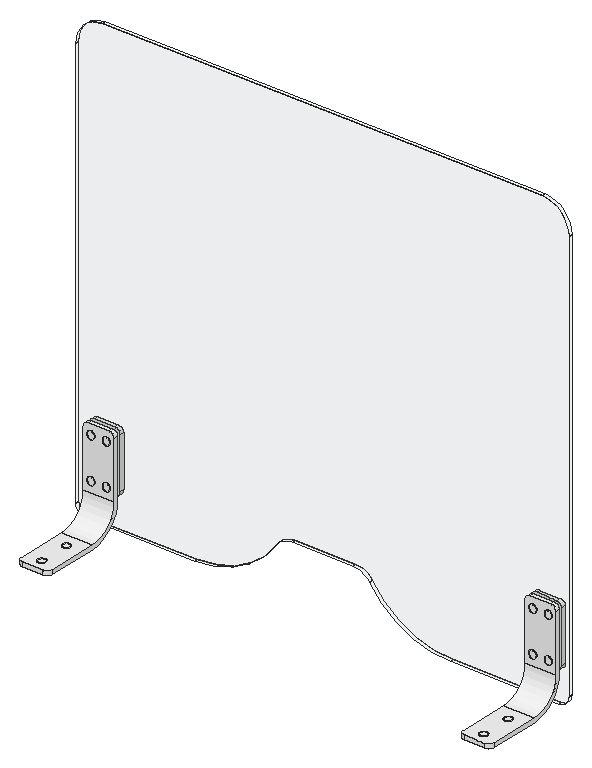
Revit family "Clarus_beShield_Back Bolt Legs_R20", category Furniture, host Face, Revit 2020
Family settings
  Host = Face
  Cut with Voids When Loaded = No
  Shared = No
  Room Calculation Point = No
Parameters (values of type "48" x 44"")
  Window [instance] = yes
  Width = 48"
  URL = "https://www.clarus.com/"
  TRC Standards [instance] = "http://therevitcollection.com/news/trc-news-the-revit-collection-standards-explained/"
  Shield [instance] = not(Window)  # no
  Product URL = "https://www.clarus.com/be-shield/"
  More Revit Families! [instance] = "www.therevitcollection.com"
  Modeled By = "Commense Studio"  # constant formula
  Model = "be! Shield"  # constant formula
  Manufacturer = "Clarus"  # constant formula
  Leg Finish [instance] = Clarus White
  Glass Depth = 3/8"
  Clarus Glass [instance] = Glass
  Description = "be! Shield is elegantly engineered to add a seamless layer of non-porous, antimicrobial tempered glass to ensure the health and safety of patrons and employees. It’s the perfect solution for the collaborative needs of your workspace."  # constant formula
  Height = 44"
  Designer = ""
  Depth = 12"  # constant formula
  Default Elevation = 0"
  Assembly Code = ""
Types (7): name | Width | Leg Finish | Height
  (no name) | 48" | Clarus White | 44"
  36" x 24" | 36" | Clarus Black | 24"
  48" x 24" | 48" | Clarus White | 24"
  36" x 34" | 36" | Clarus White | 34"
  48" x 34" | 48" | Clarus Black | 34"
  36" x 44" | 36" | Clarus Black | 44"
  48" x 44" | 48" | Clarus White | 44"
Reference planes (in)
  plane 1 "Center (Front/Back)": y = 0
  plane 2: z = 0
  plane 3 "Center (Left/Right)": x = 0
  plane 4 "L": x = -24
  plane 5 "R": x = 24
  plane 6 "B": y = 0.1875
  plane 7 "F": y = -0.1875
  plane 8: z = 44
  plane 9: x = 12.5
  plane 10: x = -12.5
  plane 11: z = 5.25
  plane 12: x = -21.5
  plane 13: x = 21.5
Forms (in)
  Extrusion 1, solid, material "Glass" <- "Clarus Glass", visible <- "Window"
    sketch origin (0, 0, 0) x (1, 0, 0) y (0, 0, 1)
      loop
        arc (-21.375, 44) -> (-23.23116, 43.23116) -> (-24, 41.375) r 2.625
        line (-24, 41.375) -> (-24, 1.25)
        arc (-24, 1.25) -> (-23.70711, 0.54289) -> (-23, 0.25) r 1
        line (-23, 0.25) -> (-12.42908, 0.25)
        arc (-12.42908, 0.25) -> (-7.99968, 1.34581) -> (-4.59213, 4.38043) r 9.5
        arc (-4.59213, 4.38043) -> (-3.87475, 5.0193) -> (-2.94225, 5.25) r 2
        line (-2.94225, 5.25) -> (2.94225, 5.25)
        arc (2.94225, 5.25) -> (3.87475, 5.0193) -> (4.59213, 4.38043) r 2
        arc (4.59213, 4.38043) -> (7.99968, 1.34581) -> (12.42908, 0.25) r 9.5
        line (12.42908, 0.25) -> (23, 0.25)
        arc (23, 0.25) -> (23.70711, 0.54289) -> (24, 1.25) r 1
        line (24, 1.25) -> (24, 41.375)
        arc (24, 41.375) -> (23.23116, 43.23116) -> (21.375, 44) r 2.625
        line (21.375, 44) -> (-21.375, 44)
    from -0.1875 to 0.1875
  Extrusion 2, solid, material "Glass" <- "Clarus Glass", visible <- "Shield"
    sketch origin (0, 0, 0) x (1, 0, 0) y (0, 0, 1)
      loop
        arc (-21.375, 44) -> (-23.23116, 43.23116) -> (-24, 41.375) r 2.625
        line (-24, 41.375) -> (-24, 1.25)
        arc (-24, 1.25) -> (-23.70711, 0.54289) -> (-23, 0.25) r 1
        line (-23, 0.25) -> (23, 0.25)
        arc (23, 0.25) -> (23.70711, 0.54289) -> (24, 1.25) r 1
        line (24, 1.25) -> (24, 41.375)
        arc (24, 41.375) -> (23.23116, 43.23116) -> (21.375, 44) r 2.625
        line (21.375, 44) -> (-21.375, 44)
    from -0.1875 to 0.1875
Dimensions and locks (in)
  equal spacing: plane 4 "L", plane 3 "Center (Left/Right)", plane 5 "R"
  "Width": plane 4 "L" to plane 5 "R"
  equal spacing: plane 7 "F", plane 1 "Center (Front/Back)", plane 6 "B"
  "Glass Depth": plane 7 "F" to plane 6 "B"
  "Height": plane 8 to level
  plane 10 to plane 3 "Center (Left/Right)" to plane 9 = 12 1/2", 12 1/2"
  plane 11 to level = 5 1/4"
  locked: plane 4 "L" to plane 12 at 2.5
  locked: plane 13 to plane 5 "R" at 2.5
  aligned and locked: plane 2 to host face
  aligned and locked: level to host face
  aligned and locked: Extrusion 1 sketch curve to plane 11
  aligned and locked: Extrusion 1 to plane 6 "B"
  aligned and locked: plane 7 "F" to Extrusion 1
  aligned and locked: nested 1 to plane 12
  aligned and locked: plane 13 to nested 2
  aligned and locked: plane 4 "L" to Extrusion 2 sketch curve
  aligned and locked: Extrusion 2 sketch curve to plane 5 "R"
  aligned and locked: Extrusion 2 sketch curve to plane 8
  aligned and locked: nested 1 to plane 6 "B"
  aligned and locked: plane 6 "B" to nested 2
Automatic sketch dimensions
  host sketch curve to host sketch curve = 96"  (x2)
  Extrusion 1 sketch curve to plane 4 "L" = 0"
  Extrusion 1 sketch curve to plane 8 = 0"
  Extrusion 1 sketch curve to plane 5 "R" = 0"
  level to Extrusion 1 sketch curve = 1/4"  (x2)
  plane 4 "L" to Extrusion 1 sketch curve = 1"
  plane 4 "L" to Extrusion 1 sketch curve = 2 5/8"
  Extrusion 1 sketch curve to plane 3 "Center (Left/Right)" = 2.94225"
  plane 3 "Center (Left/Right)" to Extrusion 1 sketch curve = 2.94225"
  Extrusion 1 sketch curve to plane 9 = 0.07092"
  Extrusion 1 sketch curve to Extrusion 1 sketch curve = 2 5/8"
  Extrusion 1 sketch curve to plane 5 "R" = 1"
  Extrusion 1 sketch curve to plane 11 = 2"  (x2)
  plane 11 to Extrusion 1 sketch curve = 4 1/2"  (x2)
  Extrusion 1 sketch curve to plane 10 = 0.07092"
  level to Extrusion 2 sketch curve = 1/4"
  plane 4 "L" to Extrusion 2 sketch curve = 1"
  Extrusion 2 sketch curve to plane 12 = 1/8"
  Extrusion 2 sketch curve to plane 13 = 1/8"
  Extrusion 2 sketch curve to Extrusion 2 sketch curve = 1"
Nested families (in)
  nested 1: "Clarus_beShield_Back Bolt_R18" at (-21.5, 0.5625, 0), Core Finish <- "Leg Finish", type "Clamp"
    with TRC Standards "http://therevitcollection.com/news/trc-news-the-revit-collection-standards-explained/", More Revit Families! "www.therevitcollection.com", Core Finish Clarus White
  nested 2: "Clarus_beShield_Back Bolt_R18" at (21.5, 0.5625, 0), Core Finish <- "Leg Finish", type "Clamp"
    with TRC Standards "http://therevitcollection.com/news/trc-news-the-revit-collection-standards-explained/", More Revit Families! "www.therevitcollection.com", Core Finish Clarus White
Definition of nested family "Clarus_beShield_Back Bolt_R18"
  Parameters (values of type "Clamp")
    Width = 3"  # constant formula
    URL = "https://www.clarus.com/"
    TRC Standards [instance] = "http://therevitcollection.com/news/trc-news-the-revit-collection-standards-explained/"
    Product URL = "https://www.clarus.com/be-shield/"
    More Revit Families! [instance] = "www.therevitcollection.com"
    Modeled By = "Commense Studio"  # constant formula
    Model = "be! Shield"  # constant formula
    Manufacturer = "Clarus"  # constant formula
    Core Finish [instance] = none
    Description = "be! Shield Leg Configs"  # constant formula
    Height = 9"  # constant formula
    Designer = ""
    Depth = 8 7/8"  # constant formula
    Default Elevation = 0"
    Assembly Code = ""
  Reference planes (in)
    plane 1 "Center (Front/Back)": y = 0
    plane 2: z = 0
    plane 3 "Center (Left/Right)": x = 0
    plane 4 "L": x = -1.5
    plane 5 "R": x = 1.5
    plane 6 "F": y = -9.125
    plane 7: z = 9
    plane 8: y = -0.375
    plane 9: y = -0.75
    plane 10: y = -1.125
  Forms (in)
    Extrusion 1, solid
      sketch origin (0, 0, 0) x (1, 0, 0) y (0, 1, 0)
        loop
          line (-48, 48) -> (-48, -48) -> (48, -48) -> (48, 48) -> (-48, 48)
      from 0 to -12
    Extrusion 2, solid, material <- "Core Finish"
      sketch origin (10.61611, 0, 0) x (0, 0, 1) y (0, -1, 0)
        loop
          line (0.375, 3.75) -> (0.375, 9.125) -> (0, 9.125) -> (0, 3.75)
          arc (0, 3.75) -> (0.87868, 1.62868) -> (3, 0.75) r 3
          line (3, 0.75) -> (3, 1.125)
          arc (3, 1.125) -> (1.14385, 1.89384) -> (0.375, 3.75) r 2.625
      from -12.11611 to -9.11611
    Extrusion 3, solid, material <- "Core Finish"
      sketch origin (0, 0, 0) x (1, 0, 0) y (0, 0, 1)
        loop
          arc (-1, 9) -> (-1.35355, 8.85355) -> (-1.5, 8.5) r 0.5
          line (-1.5, 8.5) -> (-1.5, 3.50001)
          arc (-1.5, 3.50001) -> (-1.35355, 3.14645) -> (-1, 3.00001) r 0.5
          line (-1, 3.00001) -> (1, 3.00001)
          arc (1, 3.00001) -> (1.35355, 3.14645) -> (1.5, 3.50001) r 0.5
          line (1.5, 3.50001) -> (1.5, 8.5)
          arc (1.5, 8.5) -> (1.35355, 8.85355) -> (1, 9) r 0.5
          line (1, 9) -> (-1, 9)
      from 0 to 0.375
    Extrusion 4, solid, material <- "Core Finish"
      sketch origin (0, -0.75984, 0) x (1, 0, 0) y (0, 0, 1)
        loop
          arc (-1, 9) -> (-1.35355, 8.85355) -> (-1.5, 8.5) r 0.5
          line (-1.5, 8.5) -> (-1.5, 3.00001) -> (1.5, 3.00001) -> (1.5, 8.5)
          arc (1.5, 8.5) -> (1.35355, 8.85355) -> (1, 9) r 0.5
          line (1, 9) -> (-1, 9)
      from -0.00984 to 0.36516
    Extrusion 5, void
      sketch origin (0, 0, 0) x (1, 0, 0) y (0, 0, 1)
        loop
          circle (-0.75197, 8.00344) r 0.37503
        loop
          circle (-0.75197, 8.00344) r 0.3594
        loop
          circle (0.75197, 8.00344) r 0.37503
        loop
          circle (0.75197, 8.00344) r 0.3594
        loop
          circle (-0.75197, 4.00344) r 0.37503
        loop
          circle (-0.75197, 4.00344) r 0.3594
        loop
          circle (0.75197, 4.00344) r 0.37503
        loop
          circle (0.75197, 4.00344) r 0.3594
      from 0 to 2
    Extrusion 6, void
      sketch origin (0, 0, 0) x (1, 0, 0) y (0, 1, 0)
        loop
          arc (-1, -9.125) -> (-1.35355, -8.97855) -> (-1.5, -8.625) r 0.5
          line (-1.5, -8.625) -> (-1.5, -9.125) -> (-1, -9.125)
        loop
          line (1, -9.125) -> (1.5, -9.125) -> (1.5, -8.625)
          arc (1.5, -8.625) -> (1.35355, -8.97855) -> (1, -9.125) r 0.5
      from -3 to 1.50691
    Extrusion 7, void
      sketch origin (0, 0.5, 0) x (1, 0, 0) y (0, 1, 0)
        loop
          circle (0, -5.5625) r 0.37503
        loop
          circle (0, -5.5625) r 0.3594
        loop
          circle (0, -8.5625) r 0.37503
        loop
          circle (0, -8.5625) r 0.3594
      from 0 to 0.5
  Cuts and joins
    Extrusion 5, Extrusion 6, Extrusion 7 cuts Extrusion 2
    Extrusion 5, Extrusion 6, Extrusion 7 cuts Extrusion 4
    joined: Extrusion 2, Extrusion 4
    Extrusion 5 cuts Extrusion 3
  Dimensions and locks (in)
    equal spacing: plane 4 "L", plane 3 "Center (Left/Right)", plane 5 "R"
    "Width": plane 4 "L" to plane 5 "R"
    plane 6 "F" to plane 1 "Center (Front/Back)" = 9 1/8"  (x2)
    "Height": plane 7 to level
    plane 9 to plane 8 to plane 1 "Center (Front/Back)" = 3/8" locked, 3/8"
    aligned and locked: plane 2 to Extrusion 1
    aligned and locked: level to Extrusion 1
    aligned and locked: Extrusion 2 to plane 4 "L"
    aligned and locked: plane 5 "R" to Extrusion 2
    aligned and locked: Extrusion 3 to plane 1 "Center (Front/Back)"
    aligned and locked: plane 8 to Extrusion 3
    aligned and locked: cut or joined group of Extrusion 2, Extrusion 4, Extrusion 5, Extrusion 6, Extrusion 7 to plane 9
    aligned and locked: plane 10 to cut or joined group of Extrusion 2, Extrusion 4, Extrusion 5, Extrusion 6, Extrusion 7
    aligned and locked: plane 8 to cut or joined group of Extrusion 3, Extrusion 5
    aligned and locked: cut or joined group of Extrusion 3, Extrusion 5 to plane 1 "Center (Front/Back)"
  Automatic sketch dimensions
    Extrusion 1 sketch curve to Extrusion 1 sketch curve = 96"  (x2)
    Extrusion 2 sketch curve to plane 6 "F" = 0"
    Extrusion 2 sketch curve to plane 10 = 0"
    level to Extrusion 2 sketch curve = 0"
    Extrusion 2 sketch curve to Extrusion 2 sketch curve = 3/8"
    Extrusion 2 sketch curve to Extrusion 2 sketch curve = 2 5/8"
    plane 9 to Extrusion 2 sketch curve = 0"
    Extrusion 2 sketch curve to Extrusion 2 sketch curve = 0"  (x2)
    Extrusion 3 sketch curve to plane 4 "L" = 0"
    Extrusion 3 sketch curve to plane 7 = 0"
    Extrusion 3 sketch curve to plane 5 "R" = 0"
    plane 4 "L" to Extrusion 3 sketch curve = 1/2"  (x2)
    Extrusion 3 sketch curve to plane 5 "R" = 1/2"  (x2)
    level to Extrusion 3 sketch curve = 3 1/2"
    Extrusion 4 sketch curve to plane 4 "L" = 0"
    Extrusion 4 sketch curve to plane 7 = 0"
    Extrusion 4 sketch curve to plane 5 "R" = 0"
    plane 4 "L" to Extrusion 4 sketch curve = 1/2"
    Extrusion 4 sketch curve to plane 5 "R" = 1/2"
    level to Extrusion 4 sketch curve = 3"
    Extrusion 5 sketch curve to Extrusion 5 sketch curve = 0"  (x9)
    plane 4 "L" to Extrusion 5 sketch curve = 0.74803"  (x2)
    Extrusion 5 sketch curve to plane 5 "R" = 0.74803"  (x2)
    level to Extrusion 5 sketch curve = 4.00344"
    Extrusion 5 sketch curve to plane 7 = 0.99656"  (x2)
    Extrusion 6 sketch curve to plane 4 "L" = 0"  (x2)
    plane 6 "F" to Extrusion 6 sketch curve = 0"  (x2)
    Extrusion 6 sketch curve to plane 5 "R" = 0"  (x2)
    plane 4 "L" to Extrusion 6 sketch curve = 1/2"
    Extrusion 6 sketch curve to Extrusion 6 sketch curve = 1/2"
    Extrusion 6 sketch curve to Extrusion 6 sketch curve = 0"  (x4)
    Extrusion 7 sketch curve to Extrusion 7 sketch curve = 0"  (x4)
    Extrusion 7 sketch curve to plane 3 "Center (Left/Right)" = 0"  (x2)
    Extrusion 7 sketch curve to plane 10 = 3 15/16"
    Extrusion 7 sketch curve to plane 6 "F" = 1 1/16"
    radius of Extrusion 5 sketch curve = 0.37503"  (x4)
    radius of Extrusion 5 sketch curve = 0.3594"  (x4)
    radius of Extrusion 7 sketch curve = 0.37503"  (x2)
    radius of Extrusion 7 sketch curve = 0.3594"  (x2)
